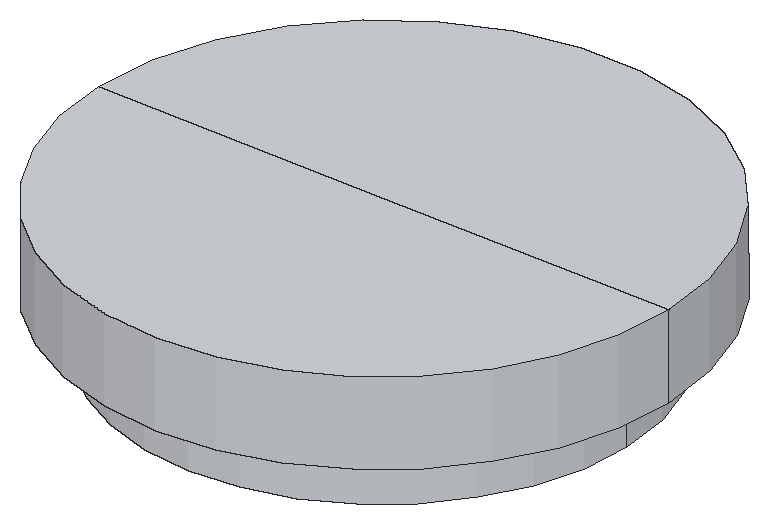
Revit family "START Surface Slim IP54 R220", category Lighting Fixtures, host Face, Revit 2017
Family settings
  Host = Face
  Round Connector Dimension = Use Diameter
  Part Type = Normal
  OmniClass Number = 23.80.70.00
  OmniClass Title = Lighting
  Cut with Voids When Loaded = No
  Light Source = Yes
  Shared = No
  Room Calculation Point = No
Parameters (values of type "0043510_3000K START SURF SLIM IP54 R 1500 2CCT D WH")
  Weight = "7.0 kg"
  Wattage Comments = ""
  Wattage = 15 W
  WarrantyStartDate [instance] = "n/a"
  WarrantyGuarantorParts = "n/a"
  WarrantyDurationUnit = "n/a"
  WarrantyDurationParts = "n/a"
  WarrantyDescription = "n/a"
  built-in parameter 1150110 = 1 (stored number, unit not read)
  Voltage = 0 V
  URL = "http://www.sylvania-lighting.com"
  TypeName = "START SURFACE SLIM IP54 ROUND 1500LM 2CCT D WH"
  Type Image = <None>
  Type Comments = "n/a"
  built-in parameter 1114217 = 1 (stored number, unit not read)
  Tilt Angle = -90.00°
  built-in parameter 1150109 = 1 (stored number, unit not read)
  built-in parameter 1150134 = (empty or 0)
  built-in parameter 1150113 = 1 (stored number, unit not read)
  SerialNumber [instance] = "n/a"
  Photometric Web File = "0043510_3000K.ies"
  Material_3_SYL = none
  PowerFactor = 0.9
  PowerConsumption = "15 W"
  NominalLength = 220 mm
  NominalHeight = 53 mm
  NominalDepth = 220 mm
  Name = "START SURFACE SLIM IP54 ROUND 1500LM 2CCT D WH"
  ModelReference = Name  # "START SURFACE SLIM IP54 ROUND 1500LM 2CCT D WH"
  ModelNumber = "0043510"
  Model = Name  # "START SURFACE SLIM IP54 ROUND 1500LM 2CCT D WH"
  Material = "pc polycarbonate housing, pc polycarbonate diffuser"
  ManufacturerName = "Feilo Sylvania"
  Manufacturer = "Feilo Sylvania"
  LuminousEfficacy = "95 lm/W"
  built-in parameter 1150105 = 407.26 (stored number, unit not read)
  Lumens = 1425 lm
  LuminaireType = ""
  built-in parameter 1150115 = 1 (stored number, unit not read)
  LightOutputRatio = "n/a"
  built-in parameter 1150137 = (empty or 0)
  built-in parameter 1150139 = (empty or 0)
  LampsType = Lamp  # "LED"
  LampNominalLuminous = "1500 lm"
  LampMacAdamStep = "3"
  LampColourTemperature = "3000 K"
  LampColourRenderingIndex = "80"
  built-in parameter 1150112 = 1 (stored number, unit not read)
  built-in parameter 1150114 = 1 (stored number, unit not read)
  Lamp = "LED"
  LUM_R_SYL = if([00_220_SYL], 110 mm, if([00_280_SYL], 140 mm, if([00_330_SYL], 165 mm, 200 mm)))  # 110 mm
  LUM_R2_SYL = if([00_220_SYL], 94 mm, if([00_280_SYL], 123 mm, if([00_330_SYL], 148 mm, 183 mm)))  # 94 mm
  LUM_H_SYL = 53 mm
  LUM_H2_SYL = 32 mm
  Keynote = "16500"
  InstallationDate [instance] = "n/a"
  InputVoltage = "n/a"
  InputNominalFrequency = "n/a"
  built-in parameter 1150132 = (empty or 0)
  built-in parameter 1150102 = (empty or 0)
  built-in parameter 1150107 = 3000 (stored number, unit not read)
  built-in parameter 1150138 = (empty or 0)
  IngressProtection = "IP54"
  ImpactProtectionIndex = "IK07"
  built-in parameter 1150106 = 4.0726 (stored number, unit not read)
  IfcExportType = "IfcLightFixtureType"
  IfcExportAs = "IfcLightFixtureType"
  Emit from Circle Diameter = 609.6 mm
  Emit Shape Visible in Rendering = no
  ElectricShockClassification = "Class II"
  built-in parameter 1150104 = 8.8258 (stored number, unit not read)
  DocumentationLiterature = "http://www.sylvania-lighting.com/product/en-int/products/0043510"
  DimmingControlOptions = "n/a"
  Material_2_SYL = none
  Dimming Lamp Color Temperature Shift = <None>
  Description = ""
  Default Elevation = 1219.2 mm
  CreatedOn = "12/23/2020"
  CreatedBy = "@sylvania-lighting.com"
  Cost = 0
  Color Filter = 16777215
  built-in parameter 1114216 [instance] = (empty or 0)
  ClassificationValue = "EF_70_80"
  ClassificationName = "Uniclass2015"
  Material_1_SYL = none
  BarCode [instance] = "n/a"
  built-in parameter 1114218 = 1 (stored number, unit not read)
  built-in parameter 1150133 = 10 (stored number, unit not read)
  AssetType = "Fixed"
  AssetIdentifier [instance] = "n/a"
  Assembly Code = "D5020200"
  Apparent Load = 15 VA
  Material_4_SYL = none
  00_400_SYL = no
  00_330_SYL = no
  00_280_SYL = no
  00_220_SYL = yes
Types (2, lengths in mm): name | built-in parameter 1150134 | Photometric Web File | built-in parameter 1150105 | LampColourTemperature | built-in parameter 1150107 | built-in parameter 1150106
  0043510_3000K START SURF SLIM IP54 R 1500 2CCT D WH | (empty or 0) | "0043510_3000K.ies" | 407.26 (stored number, unit not read) | "3000 K" | 3000 (stored number, unit not read) | 4.0726 (stored number, unit not read)
  0043510_4000K START SURF SLIM IP54 R 1500 2CCT D WH | 12 | "0043510_4000K.ies" | 413.39 (stored number, unit not read) | "4000 K" | 4000 (stored number, unit not read) | 4.1339 (stored number, unit not read)
Reference planes
  plane 1 "Center (Front/Back)": y = 0
  plane 2: z = 0
  plane 3 "Center (Left/Right)": x = 0
  plane 4: x = 110
  plane 5: x = -110
  plane 6: z = -53
  plane 7: z = -32
  plane 8: x = -94
  plane 9: x = 94
Forms (mm)
  Revolve 1, solid
    sketch origin (0, 0, 0) x (1, 0, 0) y (0, 0, 1)
      loop
        line (0, 0) -> (-110, 0) -> (-110, -32) -> (-94, -32) -> (-94, -53) -> (0, -53) -> (0, 0)
      axis (0, -53) -> (0, 0)
    angle from 360 to 0
Dimensions and locks
  "LUM_R_SYL": plane 4 to plane 3 "Center (Left/Right)" to plane 5
  "LUM_R2_SYL": plane 9 to plane 3 "Center (Left/Right)" to plane 8
  "LUM_H_SYL": host face to plane 6
  "LUM_H2_SYL": host face to plane 7
  aligned and locked: plane 2 to host face
  aligned and locked: level to host face
Automatic sketch dimensions
  host sketch curve to host sketch curve = 2438.4 mm  (x2)
  Revolve 1 sketch curve to plane 5 = 0 mm
  Revolve 1 sketch curve to plane 7 = 0 mm
  Revolve 1 sketch curve to plane 8 = 0 mm
  Revolve 1 sketch curve to plane 3 "Center (Left/Right)" = 0 mm
  Revolve 1 sketch curve to plane 6 = 0 mm
  Revolve 1 sketch curve to level = 0 mm
Connectors
  electrical at (0, 0, -53)
    settings: on Revolve 1, index 1, voltage 0 V, apparent load 0 VA, apparent load phase1 0 VA, apparent load phase2 0 VA, apparent load phase3 0 VA, power factor 1, load classification "Other", number of poles 1, system type 31, power factor state 1, is connector primary yes, connector utility no, sub classification motor no, connector description ""
